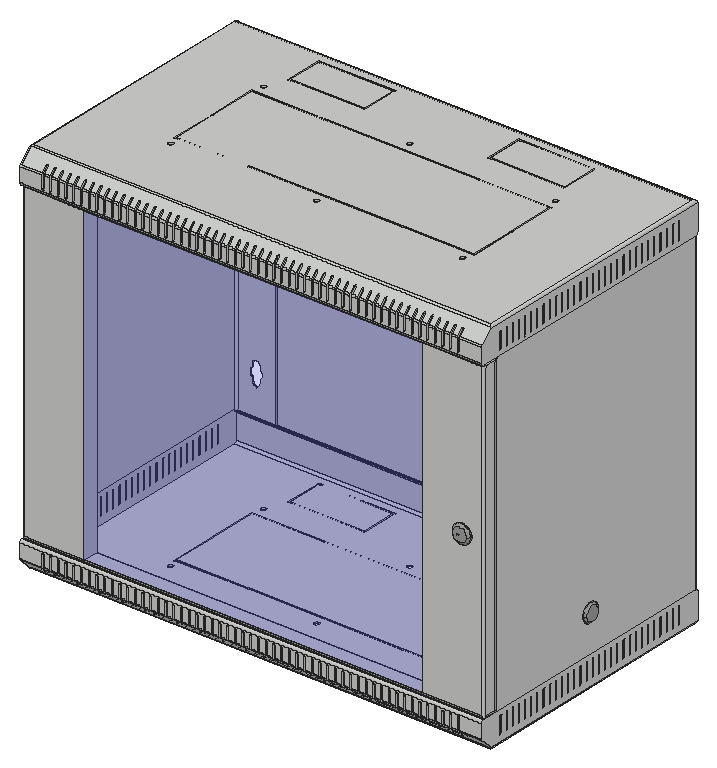
Revit family "600х350", category Обобщенные модели, Revit 2019 (continued)
Definition of nested family "Крышка 350"
  Forms (mm)
    Extrusion 88, void, detail levels fine
      sketch origin (-92.566, 67.262, 0) x (1, 0, 0) y (0, 1, 0)
        loop
          arc (34.066, 172.333) -> (32.566, 173.833) -> (31.066, 172.333) r 1.5
      from 339.994 to 350 <- "ADSK_Размер_Глубина"
    Extrusion 89, void, detail levels fine
      sketch origin (-82.566, 67.262, 0) x (1, 0, 0) y (0, 1, 0)
        loop
          line (31.066, 172.333) -> (31.066, 148.933)
          arc (31.066, 148.933) -> (32.566, 147.433) -> (34.066, 148.933) r 1.5
          line (34.066, 148.933) -> (34.066, 172.333)
          arc (34.066, 172.333) -> (32.566, 173.833) -> (31.066, 172.333) r 1.5
      from 339.994 to 350 <- "ADSK_Размер_Глубина"
    Extrusion 90, void, detail levels fine
      sketch origin (-72.566, 67.262, 0) x (1, 0, 0) y (0, 1, 0)
        loop
          line (31.066, 172.333) -> (31.066, 148.933)
          arc (31.066, 148.933) -> (32.566, 147.433) -> (34.066, 148.933) r 1.5
          line (34.066, 148.933) -> (34.066, 172.333)
          arc (34.066, 172.333) -> (32.566, 173.833) -> (31.066, 172.333) r 1.5
      from 339.994 to 350 <- "ADSK_Размер_Глубина"
    Extrusion 91, void, detail levels fine
      sketch origin (-62.566, 67.262, 0) x (1, 0, 0) y (0, 1, 0)
        loop
          line (31.066, 172.333) -> (31.066, 148.933)
          arc (31.066, 148.933) -> (32.566, 147.433) -> (34.066, 148.933) r 1.5
          line (34.066, 148.933) -> (34.066, 172.333)
          arc (34.066, 172.333) -> (32.566, 173.833) -> (31.066, 172.333) r 1.5
      from 339.994 to 350 <- "ADSK_Размер_Глубина"
    Extrusion 92, void, detail levels fine
      sketch origin (-52.566, 67.262, 0) x (1, 0, 0) y (0, 1, 0)
        loop
          line (31.066, 172.333) -> (31.066, 148.933)
          arc (31.066, 148.933) -> (32.566, 147.433) -> (34.066, 148.933) r 1.5
          line (34.066, 148.933) -> (34.066, 172.333)
          arc (34.066, 172.333) -> (32.566, 173.833) -> (31.066, 172.333) r 1.5
      from 339.994 to 350 <- "ADSK_Размер_Глубина"
    Extrusion 93, void, detail levels fine
      sketch origin (-42.566, 67.262, 0) x (1, 0, 0) y (0, 1, 0)
        loop
          line (31.066, 172.333) -> (31.066, 148.933)
          arc (31.066, 148.933) -> (32.566, 147.433) -> (34.066, 148.933) r 1.5
          line (34.066, 148.933) -> (34.066, 172.333)
          arc (34.066, 172.333) -> (32.566, 173.833) -> (31.066, 172.333) r 1.5
      from 339.994 to 350 <- "ADSK_Размер_Глубина"
    Extrusion 94, void, detail levels fine
      sketch origin (-32.566, 67.262, 0) x (1, 0, 0) y (0, 1, 0)
        loop
          line (31.066, 172.333) -> (31.066, 148.933)
          arc (31.066, 148.933) -> (32.566, 147.433) -> (34.066, 148.933) r 1.5
          line (34.066, 148.933) -> (34.066, 172.333)
          arc (34.066, 172.333) -> (32.566, 173.833) -> (31.066, 172.333) r 1.5
      from 339.994 to 350 <- "ADSK_Размер_Глубина"
    Extrusion 95, void, detail levels fine
      sketch origin (-22.566, 67.262, 0) x (1, 0, 0) y (0, 1, 0)
        loop
          line (31.066, 172.333) -> (31.066, 148.933)
          arc (31.066, 148.933) -> (32.566, 147.433) -> (34.066, 148.933) r 1.5
          line (34.066, 148.933) -> (34.066, 172.333)
          arc (34.066, 172.333) -> (32.566, 173.833) -> (31.066, 172.333) r 1.5
      from 339.994 to 350 <- "ADSK_Размер_Глубина"
    Extrusion 96, void, detail levels fine
      sketch origin (-12.566, 67.262, 0) x (1, 0, 0) y (0, 1, 0)
        loop
          line (31.066, 172.333) -> (31.066, 148.933)
          arc (31.066, 148.933) -> (32.566, 147.433) -> (34.066, 148.933) r 1.5
          line (34.066, 148.933) -> (34.066, 172.333)
          arc (34.066, 172.333) -> (32.566, 173.833) -> (31.066, 172.333) r 1.5
      from 339.994 to 350 <- "ADSK_Размер_Глубина"
    Extrusion 97, void, detail levels fine
      sketch origin (-2.566, 67.262, 0) x (1, 0, 0) y (0, 1, 0)
        loop
          line (31.066, 172.333) -> (31.066, 148.933)
          arc (31.066, 148.933) -> (32.566, 147.433) -> (34.066, 148.933) r 1.5
          line (34.066, 148.933) -> (34.066, 172.333)
          arc (34.066, 172.333) -> (32.566, 173.833) -> (31.066, 172.333) r 1.5
      from 339.994 to 350 <- "ADSK_Размер_Глубина"
    Extrusion 98, void, detail levels fine
      sketch origin (7.434, 67.262, 0) x (1, 0, 0) y (0, 1, 0)
        loop
          line (31.066, 172.333) -> (31.066, 148.933)
          arc (31.066, 148.933) -> (32.566, 147.433) -> (34.066, 148.933) r 1.5
          line (34.066, 148.933) -> (34.066, 172.333)
          arc (34.066, 172.333) -> (32.566, 173.833) -> (31.066, 172.333) r 1.5
      from 339.994 to 350 <- "ADSK_Размер_Глубина"
    Extrusion 99, void, detail levels fine
      sketch origin (17.434, 67.262, 0) x (1, 0, 0) y (0, 1, 0)
        loop
          line (31.066, 172.333) -> (31.066, 148.933)
          arc (31.066, 148.933) -> (32.566, 147.433) -> (34.066, 148.933) r 1.5
          line (34.066, 148.933) -> (34.066, 172.333)
          arc (34.066, 172.333) -> (32.566, 173.833) -> (31.066, 172.333) r 1.5
      from 339.994 to 350 <- "ADSK_Размер_Глубина"
    Extrusion 100, void, detail levels fine
      sketch origin (27.434, 67.262, 0) x (1, 0, 0) y (0, 1, 0)
        loop
          line (31.066, 172.333) -> (31.066, 148.933)
          arc (31.066, 148.933) -> (32.566, 147.433) -> (34.066, 148.933) r 1.5
          line (34.066, 148.933) -> (34.066, 172.333)
          arc (34.066, 172.333) -> (32.566, 173.833) -> (31.066, 172.333) r 1.5
      from 339.994 to 350 <- "ADSK_Размер_Глубина"
    Extrusion 101, void, detail levels fine
      sketch origin (37.434, 67.262, 0) x (1, 0, 0) y (0, 1, 0)
        loop
          line (31.066, 172.333) -> (31.066, 148.933)
          arc (31.066, 148.933) -> (32.566, 147.433) -> (34.066, 148.933) r 1.5
          line (34.066, 148.933) -> (34.066, 172.333)
          arc (34.066, 172.333) -> (32.566, 173.833) -> (31.066, 172.333) r 1.5
      from 339.994 to 350 <- "ADSK_Размер_Глубина"
    Extrusion 102, void, detail levels fine
      sketch origin (47.434, 67.262, 0) x (1, 0, 0) y (0, 1, 0)
        loop
          line (31.066, 172.333) -> (31.066, 148.933)
          arc (31.066, 148.933) -> (32.566, 147.433) -> (34.066, 148.933) r 1.5
          line (34.066, 148.933) -> (34.066, 172.333)
          arc (34.066, 172.333) -> (32.566, 173.833) -> (31.066, 172.333) r 1.5
      from 339.994 to 350 <- "ADSK_Размер_Глубина"
    Extrusion 103, void, detail levels fine
      sketch origin (57.434, 67.262, 0) x (1, 0, 0) y (0, 1, 0)
        loop
          line (31.066, 172.333) -> (31.066, 148.933)
          arc (31.066, 148.933) -> (32.566, 147.433) -> (34.066, 148.933) r 1.5
          line (34.066, 148.933) -> (34.066, 172.333)
          arc (34.066, 172.333) -> (32.566, 173.833) -> (31.066, 172.333) r 1.5
      from 339.994 to 350 <- "ADSK_Размер_Глубина"
    Extrusion 104, void, detail levels fine
      sketch origin (67.434, 67.262, 0) x (1, 0, 0) y (0, 1, 0)
        loop
          line (31.066, 172.333) -> (31.066, 148.933)
          arc (31.066, 148.933) -> (32.566, 147.433) -> (34.066, 148.933) r 1.5
          line (34.066, 148.933) -> (34.066, 172.333)
          arc (34.066, 172.333) -> (32.566, 173.833) -> (31.066, 172.333) r 1.5
      from 339.994 to 350 <- "ADSK_Размер_Глубина"
    Extrusion 105, void, detail levels fine
      sketch origin (77.434, 67.262, 0) x (1, 0, 0) y (0, 1, 0)
        loop
          line (31.066, 172.333) -> (31.066, 148.933)
          arc (31.066, 148.933) -> (32.566, 147.433) -> (34.066, 148.933) r 1.5
          line (34.066, 148.933) -> (34.066, 172.333)
          arc (34.066, 172.333) -> (32.566, 173.833) -> (31.066, 172.333) r 1.5
      from 339.994 to 350 <- "ADSK_Размер_Глубина"
    Extrusion 106, void, detail levels fine
      sketch origin (87.434, 67.262, 0) x (1, 0, 0) y (0, 1, 0)
        loop
          line (31.066, 172.333) -> (31.066, 148.933)
          arc (31.066, 148.933) -> (32.566, 147.433) -> (34.066, 148.933) r 1.5
          line (34.066, 148.933) -> (34.066, 172.333)
          arc (34.066, 172.333) -> (32.566, 173.833) -> (31.066, 172.333) r 1.5
      from 339.994 to 350 <- "ADSK_Размер_Глубина"
    Extrusion 107, void, detail levels fine
      sketch origin (97.434, 67.262, 0) x (1, 0, 0) y (0, 1, 0)
        loop
          line (31.066, 172.333) -> (31.066, 148.933)
          arc (31.066, 148.933) -> (32.566, 147.433) -> (34.066, 148.933) r 1.5
          line (34.066, 148.933) -> (34.066, 172.333)
          arc (34.066, 172.333) -> (32.566, 173.833) -> (31.066, 172.333) r 1.5
      from 339.994 to 350 <- "ADSK_Размер_Глубина"
    Extrusion 108, void, detail levels fine
      sketch origin (107.434, 67.262, 0) x (1, 0, 0) y (0, 1, 0)
        loop
          line (31.066, 172.333) -> (31.066, 148.933)
          arc (31.066, 148.933) -> (32.566, 147.433) -> (34.066, 148.933) r 1.5
          line (34.066, 148.933) -> (34.066, 172.333)
          arc (34.066, 172.333) -> (32.566, 173.833) -> (31.066, 172.333) r 1.5
      from 339.994 to 350 <- "ADSK_Размер_Глубина"
    Extrusion 109, void, detail levels fine
      sketch origin (117.434, 67.262, 0) x (1, 0, 0) y (0, 1, 0)
        loop
          line (31.066, 172.333) -> (31.066, 148.933)
          arc (31.066, 148.933) -> (32.566, 147.433) -> (34.066, 148.933) r 1.5
          line (34.066, 148.933) -> (34.066, 172.333)
          arc (34.066, 172.333) -> (32.566, 173.833) -> (31.066, 172.333) r 1.5
      from 339.994 to 350 <- "ADSK_Размер_Глубина"
    Extrusion 110, void, detail levels fine
      sketch origin (127.434, 67.262, 0) x (1, 0, 0) y (0, 1, 0)
        loop
          line (31.066, 172.333) -> (31.066, 148.933)
          arc (31.066, 148.933) -> (32.566, 147.433) -> (34.066, 148.933) r 1.5
          line (34.066, 148.933) -> (34.066, 172.333)
          arc (34.066, 172.333) -> (32.566, 173.833) -> (31.066, 172.333) r 1.5
      from 339.994 to 350 <- "ADSK_Размер_Глубина"
    Extrusion 111, void, detail levels fine
      sketch origin (137.434, 67.262, 0) x (1, 0, 0) y (0, 1, 0)
        loop
          line (31.066, 172.333) -> (31.066, 148.933)
          arc (31.066, 148.933) -> (32.566, 147.433) -> (34.066, 148.933) r 1.5
          line (34.066, 148.933) -> (34.066, 172.333)
          arc (34.066, 172.333) -> (32.566, 173.833) -> (31.066, 172.333) r 1.5
      from 339.994 to 350 <- "ADSK_Размер_Глубина"
    Extrusion 112, void, detail levels fine
      sketch origin (147.434, 67.262, 0) x (1, 0, 0) y (0, 1, 0)
        loop
          line (31.066, 172.333) -> (31.066, 148.933)
          arc (31.066, 148.933) -> (32.566, 147.433) -> (34.066, 148.933) r 1.5
          line (34.066, 148.933) -> (34.066, 172.333)
          arc (34.066, 172.333) -> (32.566, 173.833) -> (31.066, 172.333) r 1.5
      from 339.994 to 350 <- "ADSK_Размер_Глубина"
    Extrusion 113, void, detail levels fine
      sketch origin (157.434, 67.262, 0) x (1, 0, 0) y (0, 1, 0)
        loop
          line (31.066, 172.333) -> (31.066, 148.933)
          arc (31.066, 148.933) -> (32.566, 147.433) -> (34.066, 148.933) r 1.5
          line (34.066, 148.933) -> (34.066, 172.333)
          arc (34.066, 172.333) -> (32.566, 173.833) -> (31.066, 172.333) r 1.5
      from 339.994 to 350 <- "ADSK_Размер_Глубина"
    Extrusion 114, void, detail levels fine
      sketch origin (167.434, 67.262, 0) x (1, 0, 0) y (0, 1, 0)
        loop
          line (31.066, 172.333) -> (31.066, 148.933)
          arc (31.066, 148.933) -> (32.566, 147.433) -> (34.066, 148.933) r 1.5
          line (34.066, 148.933) -> (34.066, 172.333)
          arc (34.066, 172.333) -> (32.566, 173.833) -> (31.066, 172.333) r 1.5
      from 339.994 to 350 <- "ADSK_Размер_Глубина"
    Extrusion 115, void, detail levels fine
      sketch origin (177.434, 67.262, 0) x (1, 0, 0) y (0, 1, 0)
        loop
          line (31.066, 172.333) -> (31.066, 148.933)
          arc (31.066, 148.933) -> (32.566, 147.433) -> (34.066, 148.933) r 1.5
          line (34.066, 148.933) -> (34.066, 172.333)
          arc (34.066, 172.333) -> (32.566, 173.833) -> (31.066, 172.333) r 1.5
      from 339.994 to 350 <- "ADSK_Размер_Глубина"
    Extrusion 116, void, detail levels fine
      sketch origin (187.434, 67.262, 0) x (1, 0, 0) y (0, 1, 0)
        loop
          line (31.066, 172.333) -> (31.066, 148.933)
          arc (31.066, 148.933) -> (32.566, 147.433) -> (34.066, 148.933) r 1.5
          line (34.066, 148.933) -> (34.066, 172.333)
          arc (34.066, 172.333) -> (32.566, 173.833) -> (31.066, 172.333) r 1.5
      from 339.994 to 350 <- "ADSK_Размер_Глубина"
    Extrusion 117, void, detail levels fine
      sketch origin (197.434, 67.262, 0) x (1, 0, 0) y (0, 1, 0)
        loop
          line (31.066, 172.333) -> (31.066, 148.933)
          arc (31.066, 148.933) -> (32.566, 147.433) -> (34.066, 148.933) r 1.5
          line (34.066, 148.933) -> (34.066, 172.333)
          arc (34.066, 172.333) -> (32.566, 173.833) -> (31.066, 172.333) r 1.5
      from 339.994 to 350 <- "ADSK_Размер_Глубина"
    Extrusion 118, void, detail levels fine
      sketch origin (207.434, 67.262, 0) x (1, 0, 0) y (0, 1, 0)
        loop
          line (31.066, 172.333) -> (31.066, 148.933)
          arc (31.066, 148.933) -> (32.566, 147.433) -> (34.066, 148.933) r 1.5
          line (34.066, 148.933) -> (34.066, 172.333)
          arc (34.066, 172.333) -> (32.566, 173.833) -> (31.066, 172.333) r 1.5
      from 339.994 to 350 <- "ADSK_Размер_Глубина"
    Extrusion 119, void, detail levels fine
      sketch origin (217.434, 67.262, 0) x (1, 0, 0) y (0, 1, 0)
        loop
          line (31.066, 172.333) -> (31.066, 148.933)
          arc (31.066, 148.933) -> (32.566, 147.433) -> (34.066, 148.933) r 1.5
          line (34.066, 148.933) -> (34.066, 172.333)
          arc (34.066, 172.333) -> (32.566, 173.833) -> (31.066, 172.333) r 1.5
      from 339.994 to 350 <- "ADSK_Размер_Глубина"
    Extrusion 120, void, detail levels fine
      sketch origin (227.434, 67.262, 0) x (1, 0, 0) y (0, 1, 0)
        loop
          line (31.066, 172.333) -> (31.066, 148.933)
          arc (31.066, 148.933) -> (32.566, 147.433) -> (34.066, 148.933) r 1.5
          line (34.066, 148.933) -> (34.066, 172.333)
          arc (34.066, 172.333) -> (32.566, 173.833) -> (31.066, 172.333) r 1.5
      from 339.994 to 350 <- "ADSK_Размер_Глубина"
    Extrusion 121, void, detail levels fine
      sketch origin (237.434, 67.262, 0) x (1, 0, 0) y (0, 1, 0)
        loop
          line (31.066, 172.333) -> (31.066, 148.933)
          arc (31.066, 148.933) -> (32.566, 147.433) -> (34.066, 148.933) r 1.5
          line (34.066, 148.933) -> (34.066, 172.333)
          arc (34.066, 172.333) -> (32.566, 173.833) -> (31.066, 172.333) r 1.5
      from 339.994 to 350 <- "ADSK_Размер_Глубина"
  Cuts and joins
    Extrusion 3, Extrusion 4, Extrusion 5, Extrusion 6, Extrusion 7, Extrusion 8, Extrusion 9, Extrusion 10, Extrusion 11, Extrusion 12, Extrusion 13, Extrusion 14, Extrusion 15, Extrusion 16, Extrusion 17, Extrusion 18, Extrusion 19, Extrusion 20, Extrusion 21, Extrusion 22, Extrusion 23, Extrusion 24, Extrusion 25, Extrusion 26, Extrusion 27, Extrusion 28, Extrusion 29, Extrusion 30, Extrusion 31, Extrusion 32, Extrusion 33, Extrusion 34, Extrusion 35, Extrusion 36, Extrusion 37, Extrusion 38, Extrusion 39, Extrusion 40, Extrusion 41, Extrusion 42, Extrusion 43, Extrusion 44, Extrusion 45, Extrusion 46, Extrusion 47, Extrusion 48, Extrusion 49, Extrusion 50, Extrusion 51, Extrusion 52, Extrusion 53, Extrusion 54, Extrusion 55, Extrusion 56, Extrusion 57, Extrusion 58, Extrusion 59, Extrusion 60, Extrusion 61, Extrusion 62, Extrusion 63, Extrusion 64, Extrusion 65, Extrusion 66, Extrusion 67, Extrusion 68, Extrusion 69, Extrusion 70, Extrusion 71, Extrusion 72, Extrusion 73, Extrusion 74, Extrusion 75, Extrusion 76, Extrusion 77, Extrusion 78, Extrusion 79, Extrusion 80, Extrusion 81, Extrusion 82, Extrusion 83, Extrusion 84, Extrusion 85, Extrusion 86, Extrusion 87, Extrusion 88, Extrusion 89, Extrusion 90, Extrusion 91, Extrusion 92, Extrusion 93, Extrusion 94, Extrusion 95, Extrusion 96, Extrusion 97, Extrusion 98, Extrusion 99, Extrusion 100, Extrusion 101, Extrusion 102, Extrusion 103, Extrusion 104, Extrusion 105, Extrusion 106, Extrusion 107, Extrusion 108, Extrusion 109, Extrusion 110, Extrusion 111, Extrusion 112, Extrusion 113, Extrusion 114, Extrusion 115, Extrusion 116, Extrusion 117, Extrusion 118, Extrusion 119, Extrusion 120, Extrusion 121 cuts Extrusion 2
  Lines and regions (mm)
    reference lines
      curve 1: line (-1.5, 227.896, 0) -> (1.5, 227.896, 0)
      curve 2: line (299, 0, 0) -> (299, 0, 350)
      curve 3: line (-299, 0, 350) -> (-299, 0, 0)
  Dimensions and locks
    equal spacing: plane 5, plane 3 "По центру (Влево/Вправо)", plane 4
    "ADSK_Размер_Ширина": plane 5 to plane 4
    "ADSK_Размер_Глубина": Extrusion 1 to plane 8
    locked: Extrusion 2 to plane 6 at 40
    aligned and locked: plane 2 to Extrusion 1
    aligned and locked: level to Extrusion 1
    aligned and locked: Extrusion 2 to level
    aligned and locked: Extrusion 2 to plane 8
    aligned and locked: plane 4 to Extrusion 2
    aligned and locked: Extrusion 2 to plane 5
    aligned and locked: Extrusion 7 to plane 6
    aligned and locked: Extrusion 5 to plane 6
    aligned and locked: plane 4 to Extrusion 5
    aligned and locked: Extrusion 4 to plane 6
    aligned and locked: Extrusion 4 to plane 5
    aligned and locked: curve 2 to Extrusion 8
  Automatic sketch dimensions
    curve 1 to curve 1 = 3 mm
    Extrusion 1 sketch curve to Extrusion 1 sketch curve = 2438.4 mm  (x2)
    Extrusion 2 sketch curve to level = 0 mm
    plane 8 to Extrusion 2 sketch curve = 0 mm
    Extrusion 2 sketch curve to plane 6 = 0 mm
    plane 6 to Extrusion 2 sketch curve = 0.879 mm
    level to Extrusion 2 sketch curve = 3 mm  (x2)
    plane 6 to Extrusion 2 sketch curve = 3 mm
    plane 8 to Extrusion 2 sketch curve = 0.879 mm
    plane 6 to Extrusion 2 sketch curve = 16.098 mm
    Extrusion 2 sketch curve to Extrusion 2 sketch curve = 2.121 mm
    Extrusion 2 sketch curve to Extrusion 2 sketch curve = 34 mm
    Extrusion 2 sketch curve to Extrusion 2 sketch curve = 3 mm
    plane 8 to Extrusion 2 sketch curve = 18.22 mm
    plane 5 to Extrusion 3 sketch curve = 28.5 mm
    Extrusion 3 sketch curve to Extrusion 3 sketch curve = 1.5 mm
    plane 6 to Extrusion 3 sketch curve = 33.804 mm
    plane 6 to Extrusion 3 sketch curve = 10.404 mm
    Extrusion 4 sketch curve to plane 5 = 0 mm  (x2)
    plane 6 to Extrusion 4 sketch curve = 0 mm  (x2)
    plane 5 to Extrusion 4 sketch curve = 3.029 mm
    Extrusion 4 sketch curve to Extrusion 4 sketch curve = 0 mm  (x2)
    Extrusion 5 sketch curve to plane 4 = 0 mm  (x2)
    plane 6 to Extrusion 5 sketch curve = 0 mm  (x2)
    plane 4 to Extrusion 5 sketch curve = 3.029 mm
    Extrusion 5 sketch curve to Extrusion 5 sketch curve = 0 mm  (x2)
    curve 1 to plane 3 "По центру (Влево/Вправо)" = 1.5 mm
    plane 3 "По центру (Влево/Вправо)" to curve 1 = 1.5 mm
    plane 6 to curve 1 = 22.104 mm
    plane 6 to Extrusion 6 sketch curve = 33.804 mm
    plane 6 to Extrusion 6 sketch curve = 11.804 mm
    level to Extrusion 6 sketch curve = 28.5 mm
    Extrusion 6 sketch curve to Extrusion 6 sketch curve = 1.747 mm
    Extrusion 7 sketch curve to plane 3 "По центру (Влево/Вправо)" = 0 mm  (x2)
    Extrusion 7 sketch curve to plane 3 "По центру (Влево/Вправо)" = 80 mm
    Extrusion 7 sketch curve to Extrusion 7 sketch curve = 2 mm  (x16)
    Extrusion 7 sketch curve to Extrusion 7 sketch curve = 1 mm  (x10)
    Extrusion 7 sketch curve to plane 3 "По центру (Влево/Вправо)" = 100 mm
    Extrusion 7 sketch curve to Extrusion 7 sketch curve = 17 mm  (x2)
    Extrusion 7 sketch curve to Extrusion 7 sketch curve = 76 mm  (x2)
    level to Extrusion 7 sketch curve = 15 mm  (x2)
    Extrusion 7 sketch curve to Extrusion 7 sketch curve = 0 mm  (x17)
    Extrusion 7 sketch curve to Extrusion 7 sketch curve = 9.7 mm  (x2)
    Extrusion 7 sketch curve to Extrusion 7 sketch curve = 88.7 mm  (x2)
    Extrusion 7 sketch curve to Extrusion 7 sketch curve = 3.3 mm  (x3)
    plane 3 "По центру (Влево/Вправо)" to Extrusion 7 sketch curve = 80 mm
    plane 3 "По центру (Влево/Вправо)" to Extrusion 7 sketch curve = 100 mm
    Extrusion 7 sketch curve to Extrusion 7 sketch curve = 46 mm  (x2)
    Extrusion 7 sketch curve to Extrusion 7 sketch curve = 27.5 mm  (x3)
    Extrusion 7 sketch curve to Extrusion 7 sketch curve = 40 mm  (x2)
    Extrusion 7 sketch curve to Extrusion 7 sketch curve = 60 mm  (x4)
    Extrusion 7 sketch curve to Extrusion 7 sketch curve = 12.5 mm  (x3)
    plane 8 to Extrusion 8 sketch curve = 3.875 mm
    plane 6 to Extrusion 8 sketch curve = 40 mm
    Extrusion 8 sketch curve to Extrusion 8 sketch curve = 0.847 mm  (x2)
    level to Extrusion 8 sketch curve = 0.911 mm
    Extrusion 8 sketch curve to Extrusion 8 sketch curve = 3 mm  (x2)
    Extrusion 8 sketch curve to Extrusion 8 sketch curve = 17.812 mm
    plane 8 to Extrusion 8 sketch curve = 1.753 mm
    Extrusion 8 sketch curve to Extrusion 8 sketch curve = 2.121 mm
    plane 6 to Extrusion 8 sketch curve = 4 mm
    plane 6 to Extrusion 8 sketch curve = 3.997 mm
    plane 6 to Extrusion 8 sketch curve = 1.878 mm
    plane 6 to Extrusion 8 sketch curve = 1 mm
    plane 8 to Extrusion 8 sketch curve = 18.215 mm
    curve 3 to plane 8 = 0 mm
    curve 3 to level = 0 mm
    curve 2 to plane 8 = 0 mm
    curve 2 to level = 0 mm
    plane 5 to curve 3 = 1 mm
    curve 2 to plane 4 = 1 mm
    plane 6 to Extrusion 9 sketch curve = 33.804 mm
    plane 6 to Extrusion 9 sketch curve = 11.804 mm
    level to Extrusion 9 sketch curve = 38.5 mm
    Extrusion 9 sketch curve to Extrusion 9 sketch curve = 1.747 mm
    plane 6 to Extrusion 10 sketch curve = 33.804 mm
    plane 6 to Extrusion 10 sketch curve = 11.804 mm
    level to Extrusion 10 sketch curve = 48.5 mm
    Extrusion 10 sketch curve to Extrusion 10 sketch curve = 1.747 mm
    plane 6 to Extrusion 11 sketch curve = 33.804 mm
    plane 6 to Extrusion 11 sketch curve = 11.804 mm
    level to Extrusion 11 sketch curve = 58.5 mm
    Extrusion 11 sketch curve to Extrusion 11 sketch curve = 1.747 mm
    plane 6 to Extrusion 12 sketch curve = 33.804 mm
    plane 6 to Extrusion 12 sketch curve = 11.804 mm
    level to Extrusion 12 sketch curve = 68.5 mm
    Extrusion 12 sketch curve to Extrusion 12 sketch curve = 1.747 mm
    plane 6 to Extrusion 13 sketch curve = 33.804 mm
    plane 6 to Extrusion 13 sketch curve = 11.804 mm
    level to Extrusion 13 sketch curve = 78.5 mm
    Extrusion 13 sketch curve to Extrusion 13 sketch curve = 1.747 mm
    plane 6 to Extrusion 14 sketch curve = 33.804 mm
    plane 6 to Extrusion 14 sketch curve = 11.804 mm
    level to Extrusion 14 sketch curve = 88.5 mm
    Extrusion 14 sketch curve to Extrusion 14 sketch curve = 1.747 mm
    plane 6 to Extrusion 15 sketch curve = 33.804 mm
    plane 6 to Extrusion 15 sketch curve = 11.804 mm
    level to Extrusion 15 sketch curve = 98.5 mm
    Extrusion 15 sketch curve to Extrusion 15 sketch curve = 1.747 mm
    plane 6 to Extrusion 16 sketch curve = 33.804 mm
    plane 6 to Extrusion 16 sketch curve = 11.804 mm
    level to Extrusion 16 sketch curve = 108.5 mm
    Extrusion 16 sketch curve to Extrusion 16 sketch curve = 1.747 mm
    plane 6 to Extrusion 17 sketch curve = 33.804 mm
    plane 6 to Extrusion 17 sketch curve = 11.804 mm
    level to Extrusion 17 sketch curve = 118.5 mm
    Extrusion 17 sketch curve to Extrusion 17 sketch curve = 1.747 mm
    plane 6 to Extrusion 18 sketch curve = 33.804 mm
    plane 6 to Extrusion 18 sketch curve = 11.804 mm
    level to Extrusion 18 sketch curve = 128.5 mm
    Extrusion 18 sketch curve to Extrusion 18 sketch curve = 1.747 mm
    plane 6 to Extrusion 19 sketch curve = 33.804 mm
    plane 6 to Extrusion 19 sketch curve = 11.804 mm
    level to Extrusion 19 sketch curve = 138.5 mm
    Extrusion 19 sketch curve to Extrusion 19 sketch curve = 1.747 mm
    plane 6 to Extrusion 20 sketch curve = 33.804 mm
    plane 6 to Extrusion 20 sketch curve = 11.804 mm
    level to Extrusion 20 sketch curve = 148.5 mm
    Extrusion 20 sketch curve to Extrusion 20 sketch curve = 1.747 mm
    plane 6 to Extrusion 21 sketch curve = 33.804 mm
    plane 6 to Extrusion 21 sketch curve = 11.804 mm
    level to Extrusion 21 sketch curve = 158.5 mm
    Extrusion 21 sketch curve to Extrusion 21 sketch curve = 1.747 mm
    plane 6 to Extrusion 22 sketch curve = 33.804 mm
    plane 6 to Extrusion 22 sketch curve = 11.804 mm
    level to Extrusion 22 sketch curve = 168.5 mm
    Extrusion 22 sketch curve to Extrusion 22 sketch curve = 1.747 mm
    plane 6 to Extrusion 23 sketch curve = 33.804 mm
    plane 6 to Extrusion 23 sketch curve = 11.804 mm
    plane 8 to Extrusion 23 sketch curve = 171.5 mm
    Extrusion 23 sketch curve to Extrusion 23 sketch curve = 1.747 mm
    plane 6 to Extrusion 24 sketch curve = 33.804 mm
    plane 6 to Extrusion 24 sketch curve = 11.804 mm
    plane 8 to Extrusion 24 sketch curve = 161.5 mm
    Extrusion 24 sketch curve to Extrusion 24 sketch curve = 1.747 mm
    plane 6 to Extrusion 25 sketch curve = 33.804 mm
    plane 6 to Extrusion 25 sketch curve = 11.804 mm
    plane 8 to Extrusion 25 sketch curve = 151.5 mm
    Extrusion 25 sketch curve to Extrusion 25 sketch curve = 1.747 mm
    plane 6 to Extrusion 26 sketch curve = 33.804 mm
    plane 6 to Extrusion 26 sketch curve = 11.804 mm
    plane 8 to Extrusion 26 sketch curve = 141.5 mm
    Extrusion 26 sketch curve to Extrusion 26 sketch curve = 1.747 mm
    plane 6 to Extrusion 27 sketch curve = 33.804 mm
    plane 6 to Extrusion 27 sketch curve = 11.804 mm
    plane 8 to Extrusion 27 sketch curve = 131.5 mm
    Extrusion 27 sketch curve to Extrusion 27 sketch curve = 1.747 mm
    plane 6 to Extrusion 28 sketch curve = 33.804 mm
    plane 6 to Extrusion 28 sketch curve = 11.804 mm
    plane 8 to Extrusion 28 sketch curve = 121.5 mm
    Extrusion 28 sketch curve to Extrusion 28 sketch curve = 1.747 mm
    plane 6 to Extrusion 29 sketch curve = 33.804 mm
    plane 6 to Extrusion 29 sketch curve = 11.804 mm
    plane 8 to Extrusion 29 sketch curve = 111.5 mm
    Extrusion 29 sketch curve to Extrusion 29 sketch curve = 1.747 mm
    plane 6 to Extrusion 30 sketch curve = 33.804 mm
    plane 6 to Extrusion 30 sketch curve = 11.804 mm
    plane 8 to Extrusion 30 sketch curve = 101.5 mm
    Extrusion 30 sketch curve to Extrusion 30 sketch curve = 1.747 mm
    plane 6 to Extrusion 31 sketch curve = 33.804 mm
    plane 6 to Extrusion 31 sketch curve = 11.804 mm
    plane 8 to Extrusion 31 sketch curve = 91.5 mm
    Extrusion 31 sketch curve to Extrusion 31 sketch curve = 1.747 mm
    plane 6 to Extrusion 32 sketch curve = 33.804 mm
    plane 6 to Extrusion 32 sketch curve = 11.804 mm
    plane 8 to Extrusion 32 sketch curve = 81.5 mm
    Extrusion 32 sketch curve to Extrusion 32 sketch curve = 1.747 mm
    plane 6 to Extrusion 33 sketch curve = 33.804 mm
    plane 6 to Extrusion 33 sketch curve = 11.804 mm
    plane 8 to Extrusion 33 sketch curve = 71.5 mm
    Extrusion 33 sketch curve to Extrusion 33 sketch curve = 1.747 mm
    plane 6 to Extrusion 34 sketch curve = 33.804 mm
    plane 6 to Extrusion 34 sketch curve = 11.804 mm
    plane 8 to Extrusion 34 sketch curve = 61.5 mm
    Extrusion 34 sketch curve to Extrusion 34 sketch curve = 1.747 mm
    plane 6 to Extrusion 35 sketch curve = 33.804 mm
    plane 6 to Extrusion 35 sketch curve = 11.804 mm
    plane 8 to Extrusion 35 sketch curve = 51.5 mm
    Extrusion 35 sketch curve to Extrusion 35 sketch curve = 1.747 mm
    plane 6 to Extrusion 36 sketch curve = 33.804 mm
    plane 6 to Extrusion 36 sketch curve = 11.804 mm
    plane 8 to Extrusion 36 sketch curve = 41.5 mm
    Extrusion 36 sketch curve to Extrusion 36 sketch curve = 1.747 mm
    plane 6 to Extrusion 37 sketch curve = 33.804 mm
    plane 6 to Extrusion 37 sketch curve = 11.804 mm
    plane 8 to Extrusion 37 sketch curve = 31.5 mm
    Extrusion 37 sketch curve to Extrusion 37 sketch curve = 1.747 mm
    plane 6 to Extrusion 38 sketch curve = 33.804 mm
    plane 6 to Extrusion 38 sketch curve = 11.804 mm
    plane 8 to Extrusion 38 sketch curve = 118.007 mm
    Extrusion 38 sketch curve to Extrusion 38 sketch curve = 1.747 mm
    plane 6 to Extrusion 39 sketch curve = 33.804 mm
    plane 6 to Extrusion 39 sketch curve = 11.804 mm
    plane 8 to Extrusion 39 sketch curve = 108.007 mm
    Extrusion 39 sketch curve to Extrusion 39 sketch curve = 1.747 mm
    plane 6 to Extrusion 40 sketch curve = 33.804 mm
    plane 6 to Extrusion 40 sketch curve = 11.804 mm
    plane 8 to Extrusion 40 sketch curve = 98.007 mm
    Extrusion 40 sketch curve to Extrusion 40 sketch curve = 1.747 mm
    plane 6 to Extrusion 41 sketch curve = 33.804 mm
    plane 6 to Extrusion 41 sketch curve = 11.804 mm
    plane 8 to Extrusion 41 sketch curve = 88.007 mm
    Extrusion 41 sketch curve to Extrusion 41 sketch curve = 1.747 mm
    plane 6 to Extrusion 42 sketch curve = 33.804 mm
    plane 6 to Extrusion 42 sketch curve = 11.804 mm
    plane 8 to Extrusion 42 sketch curve = 78.007 mm
    Extrusion 42 sketch curve to Extrusion 42 sketch curve = 1.747 mm
    plane 6 to Extrusion 43 sketch curve = 33.804 mm
    plane 6 to Extrusion 43 sketch curve = 11.804 mm
    plane 8 to Extrusion 43 sketch curve = 68.007 mm
    Extrusion 43 sketch curve to Extrusion 43 sketch curve = 1.747 mm
    plane 6 to Extrusion 44 sketch curve = 33.804 mm
    plane 6 to Extrusion 44 sketch curve = 11.804 mm
    plane 8 to Extrusion 44 sketch curve = 58.007 mm
    Extrusion 44 sketch curve to Extrusion 44 sketch curve = 1.747 mm
    plane 6 to Extrusion 45 sketch curve = 33.804 mm
    plane 6 to Extrusion 45 sketch curve = 11.804 mm
    plane 8 to Extrusion 45 sketch curve = 48.007 mm
    Extrusion 45 sketch curve to Extrusion 45 sketch curve = 1.747 mm
    plane 6 to Extrusion 46 sketch curve = 33.804 mm
    plane 6 to Extrusion 46 sketch curve = 11.804 mm
    plane 8 to Extrusion 46 sketch curve = 38.007 mm
    Extrusion 46 sketch curve to Extrusion 46 sketch curve = 1.747 mm
    plane 6 to Extrusion 47 sketch curve = 33.804 mm
    plane 6 to Extrusion 47 sketch curve = 11.804 mm
    plane 8 to Extrusion 47 sketch curve = 28.007 mm
    Extrusion 47 sketch curve to Extrusion 47 sketch curve = 1.747 mm
    plane 6 to Extrusion 48 sketch curve = 33.804 mm
    plane 6 to Extrusion 48 sketch curve = 11.804 mm
    plane 8 to Extrusion 48 sketch curve = 168.007 mm
    Extrusion 48 sketch curve to Extrusion 48 sketch curve = 1.747 mm
    plane 6 to Extrusion 49 sketch curve = 33.804 mm
    plane 6 to Extrusion 49 sketch curve = 11.804 mm
    plane 8 to Extrusion 49 sketch curve = 158.007 mm
    Extrusion 49 sketch curve to Extrusion 49 sketch curve = 1.747 mm
    plane 6 to Extrusion 50 sketch curve = 33.804 mm
    plane 6 to Extrusion 50 sketch curve = 11.804 mm
    plane 8 to Extrusion 50 sketch curve = 148.007 mm
    Extrusion 50 sketch curve to Extrusion 50 sketch curve = 1.747 mm
    plane 6 to Extrusion 51 sketch curve = 33.804 mm
    plane 6 to Extrusion 51 sketch curve = 11.804 mm
    plane 8 to Extrusion 51 sketch curve = 138.007 mm
    Extrusion 51 sketch curve to Extrusion 51 sketch curve = 1.747 mm
    plane 6 to Extrusion 52 sketch curve = 33.804 mm
    plane 6 to Extrusion 52 sketch curve = 11.804 mm
    plane 8 to Extrusion 52 sketch curve = 128.007 mm
    Extrusion 52 sketch curve to Extrusion 52 sketch curve = 1.747 mm
    plane 6 to Extrusion 53 sketch curve = 33.804 mm
    plane 6 to Extrusion 53 sketch curve = 11.804 mm
    level to Extrusion 53 sketch curve = 131.993 mm
    Extrusion 53 sketch curve to Extrusion 53 sketch curve = 1.747 mm
    plane 6 to Extrusion 54 sketch curve = 33.804 mm
    plane 6 to Extrusion 54 sketch curve = 11.804 mm
    level to Extrusion 54 sketch curve = 141.993 mm
    Extrusion 54 sketch curve to Extrusion 54 sketch curve = 1.747 mm
    plane 6 to Extrusion 55 sketch curve = 33.804 mm
    plane 6 to Extrusion 55 sketch curve = 11.804 mm
    level to Extrusion 55 sketch curve = 151.993 mm
    Extrusion 55 sketch curve to Extrusion 55 sketch curve = 1.747 mm
    plane 6 to Extrusion 56 sketch curve = 33.804 mm
    plane 6 to Extrusion 56 sketch curve = 11.804 mm
    level to Extrusion 56 sketch curve = 161.993 mm
    Extrusion 56 sketch curve to Extrusion 56 sketch curve = 1.747 mm
    plane 6 to Extrusion 57 sketch curve = 33.804 mm
    plane 6 to Extrusion 57 sketch curve = 11.804 mm
    level to Extrusion 57 sketch curve = 171.993 mm
    Extrusion 57 sketch curve to Extrusion 57 sketch curve = 1.747 mm
    plane 6 to Extrusion 58 sketch curve = 33.804 mm
    plane 6 to Extrusion 58 sketch curve = 11.804 mm
    level to Extrusion 58 sketch curve = 81.993 mm
    Extrusion 58 sketch curve to Extrusion 58 sketch curve = 1.747 mm
    plane 6 to Extrusion 59 sketch curve = 33.804 mm
    plane 6 to Extrusion 59 sketch curve = 11.804 mm
    level to Extrusion 59 sketch curve = 91.993 mm
    Extrusion 59 sketch curve to Extrusion 59 sketch curve = 1.747 mm
    plane 6 to Extrusion 60 sketch curve = 33.804 mm
    plane 6 to Extrusion 60 sketch curve = 11.804 mm
    level to Extrusion 60 sketch curve = 101.993 mm
    Extrusion 60 sketch curve to Extrusion 60 sketch curve = 1.747 mm
    plane 6 to Extrusion 61 sketch curve = 33.804 mm
    plane 6 to Extrusion 61 sketch curve = 11.804 mm
    level to Extrusion 61 sketch curve = 111.993 mm
    Extrusion 61 sketch curve to Extrusion 61 sketch curve = 1.747 mm
    plane 6 to Extrusion 62 sketch curve = 33.804 mm
    plane 6 to Extrusion 62 sketch curve = 11.804 mm
    level to Extrusion 62 sketch curve = 121.993 mm
    Extrusion 62 sketch curve to Extrusion 62 sketch curve = 1.747 mm
    plane 6 to Extrusion 63 sketch curve = 33.804 mm
    plane 6 to Extrusion 63 sketch curve = 11.804 mm
    level to Extrusion 63 sketch curve = 31.993 mm
    Extrusion 63 sketch curve to Extrusion 63 sketch curve = 1.747 mm
    plane 6 to Extrusion 64 sketch curve = 33.804 mm
    plane 6 to Extrusion 64 sketch curve = 11.804 mm
    level to Extrusion 64 sketch curve = 41.993 mm
    Extrusion 64 sketch curve to Extrusion 64 sketch curve = 1.747 mm
    plane 6 to Extrusion 65 sketch curve = 33.804 mm
    plane 6 to Extrusion 65 sketch curve = 11.804 mm
    level to Extrusion 65 sketch curve = 51.993 mm
    Extrusion 65 sketch curve to Extrusion 65 sketch curve = 1.747 mm
    plane 6 to Extrusion 66 sketch curve = 33.804 mm
    plane 6 to Extrusion 66 sketch curve = 11.804 mm
    level to Extrusion 66 sketch curve = 61.993 mm
    Extrusion 66 sketch curve to Extrusion 66 sketch curve = 1.747 mm
    plane 6 to Extrusion 67 sketch curve = 33.804 mm
    plane 6 to Extrusion 67 sketch curve = 11.804 mm
    level to Extrusion 67 sketch curve = 71.993 mm
    Extrusion 67 sketch curve to Extrusion 67 sketch curve = 1.747 mm
    plane 6 to Extrusion 68 sketch curve = 10.404 mm
    plane 5 to Extrusion 68 sketch curve = 38.5 mm
    Extrusion 68 sketch curve to Extrusion 68 sketch curve = 1.5 mm
    Extrusion 68 sketch curve to Extrusion 68 sketch curve = 23.4 mm
    plane 6 to Extrusion 69 sketch curve = 10.404 mm
    plane 5 to Extrusion 69 sketch curve = 48.5 mm
    Extrusion 69 sketch curve to Extrusion 69 sketch curve = 1.5 mm
    Extrusion 69 sketch curve to Extrusion 69 sketch curve = 23.4 mm
    plane 6 to Extrusion 70 sketch curve = 10.404 mm
    plane 5 to Extrusion 70 sketch curve = 58.5 mm
    Extrusion 70 sketch curve to Extrusion 70 sketch curve = 1.5 mm
    Extrusion 70 sketch curve to Extrusion 70 sketch curve = 23.4 mm
    plane 6 to Extrusion 71 sketch curve = 10.404 mm
    plane 5 to Extrusion 71 sketch curve = 68.5 mm
    Extrusion 71 sketch curve to Extrusion 71 sketch curve = 1.5 mm
    Extrusion 71 sketch curve to Extrusion 71 sketch curve = 23.4 mm
    plane 6 to Extrusion 72 sketch curve = 10.404 mm
    plane 5 to Extrusion 72 sketch curve = 78.5 mm
    Extrusion 72 sketch curve to Extrusion 72 sketch curve = 1.5 mm
    Extrusion 72 sketch curve to Extrusion 72 sketch curve = 23.4 mm
    plane 6 to Extrusion 73 sketch curve = 10.404 mm
    plane 5 to Extrusion 73 sketch curve = 88.5 mm
    Extrusion 73 sketch curve to Extrusion 73 sketch curve = 1.5 mm
    Extrusion 73 sketch curve to Extrusion 73 sketch curve = 23.4 mm
    plane 6 to Extrusion 74 sketch curve = 10.404 mm
    plane 5 to Extrusion 74 sketch curve = 98.5 mm
    Extrusion 74 sketch curve to Extrusion 74 sketch curve = 1.5 mm
    Extrusion 74 sketch curve to Extrusion 74 sketch curve = 23.4 mm
    plane 6 to Extrusion 75 sketch curve = 10.404 mm
    plane 5 to Extrusion 75 sketch curve = 108.5 mm
    Extrusion 75 sketch curve to Extrusion 75 sketch curve = 1.5 mm
    Extrusion 75 sketch curve to Extrusion 75 sketch curve = 23.4 mm
    plane 6 to Extrusion 76 sketch curve = 10.404 mm
    plane 5 to Extrusion 76 sketch curve = 118.5 mm
    Extrusion 76 sketch curve to Extrusion 76 sketch curve = 1.5 mm
    Extrusion 76 sketch curve to Extrusion 76 sketch curve = 23.4 mm
    plane 6 to Extrusion 77 sketch curve = 10.404 mm
    plane 5 to Extrusion 77 sketch curve = 128.5 mm
    Extrusion 77 sketch curve to Extrusion 77 sketch curve = 1.5 mm
    Extrusion 77 sketch curve to Extrusion 77 sketch curve = 23.4 mm
    plane 6 to Extrusion 78 sketch curve = 10.404 mm
    plane 5 to Extrusion 78 sketch curve = 138.5 mm
    Extrusion 78 sketch curve to Extrusion 78 sketch curve = 1.5 mm
    Extrusion 78 sketch curve to Extrusion 78 sketch curve = 23.4 mm
    plane 6 to Extrusion 79 sketch curve = 10.404 mm
    plane 5 to Extrusion 79 sketch curve = 148.5 mm
    Extrusion 79 sketch curve to Extrusion 79 sketch curve = 1.5 mm
    Extrusion 79 sketch curve to Extrusion 79 sketch curve = 23.4 mm
    plane 6 to Extrusion 80 sketch curve = 10.404 mm
    Extrusion 80 sketch curve to plane 3 "По центру (Влево/Вправо)" = 141.5 mm
    Extrusion 80 sketch curve to Extrusion 80 sketch curve = 1.5 mm
    Extrusion 80 sketch curve to Extrusion 80 sketch curve = 23.4 mm
    plane 6 to Extrusion 81 sketch curve = 10.404 mm
    Extrusion 81 sketch curve to plane 3 "По центру (Влево/Вправо)" = 131.5 mm
    Extrusion 81 sketch curve to Extrusion 81 sketch curve = 1.5 mm
    Extrusion 81 sketch curve to Extrusion 81 sketch curve = 23.4 mm
    plane 6 to Extrusion 82 sketch curve = 10.404 mm
    Extrusion 82 sketch curve to plane 3 "По центру (Влево/Вправо)" = 121.5 mm
    Extrusion 82 sketch curve to Extrusion 82 sketch curve = 1.5 mm
    Extrusion 82 sketch curve to Extrusion 82 sketch curve = 23.4 mm
    plane 6 to Extrusion 83 sketch curve = 10.404 mm
    Extrusion 83 sketch curve to plane 3 "По центру (Влево/Вправо)" = 111.5 mm
    Extrusion 83 sketch curve to Extrusion 83 sketch curve = 1.5 mm
    Extrusion 83 sketch curve to Extrusion 83 sketch curve = 23.4 mm
    plane 6 to Extrusion 84 sketch curve = 10.404 mm
    Extrusion 84 sketch curve to plane 3 "По центру (Влево/Вправо)" = 101.5 mm
    Extrusion 84 sketch curve to Extrusion 84 sketch curve = 1.5 mm
    Extrusion 84 sketch curve to Extrusion 84 sketch curve = 23.4 mm
    plane 6 to Extrusion 85 sketch curve = 10.404 mm
    Extrusion 85 sketch curve to plane 3 "По центру (Влево/Вправо)" = 91.5 mm
    Extrusion 85 sketch curve to Extrusion 85 sketch curve = 1.5 mm
    Extrusion 85 sketch curve to Extrusion 85 sketch curve = 23.4 mm
    plane 6 to Extrusion 86 sketch curve = 10.404 mm
    Extrusion 86 sketch curve to plane 3 "По центру (Влево/Вправо)" = 81.5 mm
    Extrusion 86 sketch curve to Extrusion 86 sketch curve = 1.5 mm
    Extrusion 86 sketch curve to Extrusion 86 sketch curve = 23.4 mm
    plane 6 to Extrusion 87 sketch curve = 10.404 mm
    Extrusion 87 sketch curve to plane 3 "По центру (Влево/Вправо)" = 71.5 mm
    Extrusion 87 sketch curve to Extrusion 87 sketch curve = 1.5 mm
    Extrusion 87 sketch curve to Extrusion 87 sketch curve = 23.4 mm
    plane 6 to Extrusion 88 sketch curve = 10.404 mm
    Extrusion 88 sketch curve to plane 3 "По центру (Влево/Вправо)" = 61.5 mm
    Extrusion 88 sketch curve to Extrusion 88 sketch curve = 1.5 mm
    Extrusion 88 sketch curve to Extrusion 88 sketch curve = 23.4 mm
    plane 6 to Extrusion 89 sketch curve = 10.404 mm
    Extrusion 89 sketch curve to plane 3 "По центру (Влево/Вправо)" = 51.5 mm
    Extrusion 89 sketch curve to Extrusion 89 sketch curve = 1.5 mm
    Extrusion 89 sketch curve to Extrusion 89 sketch curve = 23.4 mm
    plane 6 to Extrusion 90 sketch curve = 10.404 mm
    Extrusion 90 sketch curve to plane 3 "По центру (Влево/Вправо)" = 41.5 mm
    Extrusion 90 sketch curve to Extrusion 90 sketch curve = 1.5 mm
    Extrusion 90 sketch curve to Extrusion 90 sketch curve = 23.4 mm
    plane 6 to Extrusion 91 sketch curve = 10.404 mm
    Extrusion 91 sketch curve to plane 3 "По центру (Влево/Вправо)" = 31.5 mm
    Extrusion 91 sketch curve to Extrusion 91 sketch curve = 1.5 mm
    Extrusion 91 sketch curve to Extrusion 91 sketch curve = 23.4 mm
    Extrusion 92 sketch curve to plane 3 "По центру (Влево/Вправо)" = 21.5 mm
    Extrusion 92 sketch curve to Extrusion 92 sketch curve = 1.5 mm
    plane 6 to Extrusion 92 sketch curve = 33.804 mm
    plane 6 to Extrusion 92 sketch curve = 10.404 mm
    Extrusion 93 sketch curve to plane 3 "По центру (Влево/Вправо)" = 11.5 mm
    Extrusion 93 sketch curve to Extrusion 93 sketch curve = 1.5 mm
    plane 6 to Extrusion 93 sketch curve = 33.804 mm
    plane 6 to Extrusion 93 sketch curve = 10.404 mm
    Extrusion 94 sketch curve to plane 3 "По центру (Влево/Вправо)" = 0 mm
    Extrusion 94 sketch curve to Extrusion 94 sketch curve = 1.5 mm
    plane 6 to Extrusion 94 sketch curve = 33.804 mm
    plane 6 to Extrusion 94 sketch curve = 10.404 mm
    plane 3 "По центру (Влево/Вправо)" to Extrusion 95 sketch curve = 8.5 mm
    Extrusion 95 sketch curve to Extrusion 95 sketch curve = 1.5 mm
    plane 6 to Extrusion 95 sketch curve = 33.804 mm
    plane 6 to Extrusion 95 sketch curve = 10.404 mm
    plane 3 "По центру (Влево/Вправо)" to Extrusion 96 sketch curve = 18.5 mm
    Extrusion 96 sketch curve to Extrusion 96 sketch curve = 1.5 mm
    plane 6 to Extrusion 96 sketch curve = 33.804 mm
    plane 6 to Extrusion 96 sketch curve = 10.404 mm
    plane 3 "По центру (Влево/Вправо)" to Extrusion 97 sketch curve = 28.5 mm
    Extrusion 97 sketch curve to Extrusion 97 sketch curve = 1.5 mm
    plane 6 to Extrusion 97 sketch curve = 33.804 mm
    plane 6 to Extrusion 97 sketch curve = 10.404 mm
    plane 6 to Extrusion 98 sketch curve = 10.404 mm
    plane 3 "По центру (Влево/Вправо)" to Extrusion 98 sketch curve = 38.5 mm
    Extrusion 98 sketch curve to Extrusion 98 sketch curve = 1.5 mm
    Extrusion 98 sketch curve to Extrusion 98 sketch curve = 23.4 mm
    plane 6 to Extrusion 99 sketch curve = 10.404 mm
    plane 3 "По центру (Влево/Вправо)" to Extrusion 99 sketch curve = 48.5 mm
    Extrusion 99 sketch curve to Extrusion 99 sketch curve = 1.5 mm
    Extrusion 99 sketch curve to Extrusion 99 sketch curve = 23.4 mm
    plane 6 to Extrusion 100 sketch curve = 10.404 mm
    plane 3 "По центру (Влево/Вправо)" to Extrusion 100 sketch curve = 58.5 mm
    Extrusion 100 sketch curve to Extrusion 100 sketch curve = 1.5 mm
    Extrusion 100 sketch curve to Extrusion 100 sketch curve = 23.4 mm
    plane 6 to Extrusion 101 sketch curve = 10.404 mm
    plane 3 "По центру (Влево/Вправо)" to Extrusion 101 sketch curve = 68.5 mm
    Extrusion 101 sketch curve to Extrusion 101 sketch curve = 1.5 mm
    Extrusion 101 sketch curve to Extrusion 101 sketch curve = 23.4 mm
    plane 6 to Extrusion 102 sketch curve = 10.404 mm
    plane 3 "По центру (Влево/Вправо)" to Extrusion 102 sketch curve = 78.5 mm
    Extrusion 102 sketch curve to Extrusion 102 sketch curve = 1.5 mm
    Extrusion 102 sketch curve to Extrusion 102 sketch curve = 23.4 mm
    plane 6 to Extrusion 103 sketch curve = 10.404 mm
    plane 3 "По центру (Влево/Вправо)" to Extrusion 103 sketch curve = 88.5 mm
    Extrusion 103 sketch curve to Extrusion 103 sketch curve = 1.5 mm
    Extrusion 103 sketch curve to Extrusion 103 sketch curve = 23.4 mm
    plane 6 to Extrusion 104 sketch curve = 10.404 mm
    plane 3 "По центру (Влево/Вправо)" to Extrusion 104 sketch curve = 98.5 mm
    Extrusion 104 sketch curve to Extrusion 104 sketch curve = 1.5 mm
    Extrusion 104 sketch curve to Extrusion 104 sketch curve = 23.4 mm
    plane 6 to Extrusion 105 sketch curve = 10.404 mm
    plane 3 "По центру (Влево/Вправо)" to Extrusion 105 sketch curve = 108.5 mm
    Extrusion 105 sketch curve to Extrusion 105 sketch curve = 1.5 mm
    Extrusion 105 sketch curve to Extrusion 105 sketch curve = 23.4 mm
    plane 6 to Extrusion 106 sketch curve = 10.404 mm
    plane 3 "По центру (Влево/Вправо)" to Extrusion 106 sketch curve = 118.5 mm
    Extrusion 106 sketch curve to Extrusion 106 sketch curve = 1.5 mm
    Extrusion 106 sketch curve to Extrusion 106 sketch curve = 23.4 mm
    plane 6 to Extrusion 107 sketch curve = 10.404 mm
    plane 3 "По центру (Влево/Вправо)" to Extrusion 107 sketch curve = 128.5 mm
    Extrusion 107 sketch curve to Extrusion 107 sketch curve = 1.5 mm
    Extrusion 107 sketch curve to Extrusion 107 sketch curve = 23.4 mm
    plane 6 to Extrusion 108 sketch curve = 10.404 mm
    plane 3 "По центру (Влево/Вправо)" to Extrusion 108 sketch curve = 138.5 mm
    Extrusion 108 sketch curve to Extrusion 108 sketch curve = 1.5 mm
    Extrusion 108 sketch curve to Extrusion 108 sketch curve = 23.4 mm
    plane 6 to Extrusion 109 sketch curve = 10.404 mm
    plane 3 "По центру (Влево/Вправо)" to Extrusion 109 sketch curve = 148.5 mm
    Extrusion 109 sketch curve to Extrusion 109 sketch curve = 1.5 mm
    Extrusion 109 sketch curve to Extrusion 109 sketch curve = 23.4 mm
    plane 6 to Extrusion 110 sketch curve = 10.404 mm
    Extrusion 110 sketch curve to plane 4 = 141.5 mm
    Extrusion 110 sketch curve to Extrusion 110 sketch curve = 1.5 mm
    Extrusion 110 sketch curve to Extrusion 110 sketch curve = 23.4 mm
    plane 6 to Extrusion 111 sketch curve = 10.404 mm
    Extrusion 111 sketch curve to plane 4 = 131.5 mm
    Extrusion 111 sketch curve to Extrusion 111 sketch curve = 1.5 mm
    Extrusion 111 sketch curve to Extrusion 111 sketch curve = 23.4 mm
    plane 6 to Extrusion 112 sketch curve = 10.404 mm
    Extrusion 112 sketch curve to plane 4 = 121.5 mm
    Extrusion 112 sketch curve to Extrusion 112 sketch curve = 1.5 mm
    Extrusion 112 sketch curve to Extrusion 112 sketch curve = 23.4 mm
    plane 6 to Extrusion 113 sketch curve = 10.404 mm
    Extrusion 113 sketch curve to plane 4 = 111.5 mm
    Extrusion 113 sketch curve to Extrusion 113 sketch curve = 1.5 mm
    Extrusion 113 sketch curve to Extrusion 113 sketch curve = 23.4 mm
    plane 6 to Extrusion 114 sketch curve = 10.404 mm
    Extrusion 114 sketch curve to plane 4 = 101.5 mm
    Extrusion 114 sketch curve to Extrusion 114 sketch curve = 1.5 mm
    Extrusion 114 sketch curve to Extrusion 114 sketch curve = 23.4 mm
    plane 6 to Extrusion 115 sketch curve = 10.404 mm
    Extrusion 115 sketch curve to plane 4 = 91.5 mm
    Extrusion 115 sketch curve to Extrusion 115 sketch curve = 1.5 mm
    Extrusion 115 sketch curve to Extrusion 115 sketch curve = 23.4 mm
    plane 6 to Extrusion 116 sketch curve = 10.404 mm
    Extrusion 116 sketch curve to plane 4 = 81.5 mm
    Extrusion 116 sketch curve to Extrusion 116 sketch curve = 1.5 mm
    Extrusion 116 sketch curve to Extrusion 116 sketch curve = 23.4 mm
    plane 6 to Extrusion 117 sketch curve = 10.404 mm
    Extrusion 117 sketch curve to plane 4 = 71.5 mm
    Extrusion 117 sketch curve to Extrusion 117 sketch curve = 1.5 mm
    Extrusion 117 sketch curve to Extrusion 117 sketch curve = 23.4 mm
    plane 6 to Extrusion 118 sketch curve = 10.404 mm
    Extrusion 118 sketch curve to plane 4 = 61.5 mm
    Extrusion 118 sketch curve to Extrusion 118 sketch curve = 1.5 mm
    Extrusion 118 sketch curve to Extrusion 118 sketch curve = 23.4 mm
    plane 6 to Extrusion 119 sketch curve = 10.404 mm
    Extrusion 119 sketch curve to plane 4 = 51.5 mm
    Extrusion 119 sketch curve to Extrusion 119 sketch curve = 1.5 mm
    Extrusion 119 sketch curve to Extrusion 119 sketch curve = 23.4 mm
    plane 6 to Extrusion 120 sketch curve = 10.404 mm
    Extrusion 120 sketch curve to plane 4 = 41.5 mm
    Extrusion 120 sketch curve to Extrusion 120 sketch curve = 1.5 mm
    Extrusion 120 sketch curve to Extrusion 120 sketch curve = 23.4 mm
    plane 6 to Extrusion 121 sketch curve = 10.404 mm
    Extrusion 121 sketch curve to plane 4 = 31.5 mm
    Extrusion 121 sketch curve to Extrusion 121 sketch curve = 1.5 mm
    Extrusion 121 sketch curve to Extrusion 121 sketch curve = 23.4 mm
    radius of Extrusion 7 sketch curve = 3.3 mm  (x6)
Definition of nested family "Дверь_С"
  Parameters (values of type "Дверь_С")
    Ширина = 600 mm
    ADSK_Размер_Высота [instance] = 500 mm
  Reference planes
    plane 1 "По центру (Вперед/Назад)": y = 0
    plane 2: z = 0
    plane 3 "По центру (Влево/Вправо)": x = 0
    plane 4: z = 250
    plane 5: z = -250
    plane 6: x = -300
    plane 7: x = 300
  Forms (mm)
    Extrusion 1, solid, detail levels medium+fine
      sketch origin (0, 0, 0) x (1, 0, 0) y (0, 0, 1)
        loop
          line (297, 250) -> (-297, 250)
          arc (-297, 250) -> (-299.121, 249.121) -> (-300, 247) r 3
          line (-300, 247) -> (-300, -247)
          arc (-300, -247) -> (-299.121, -249.121) -> (-297, -250) r 3
          line (-297, -250) -> (297, -250)
          arc (297, -250) -> (299.121, -249.121) -> (300, -247) r 3
          line (300, -247) -> (300, 247)
          arc (300, 247) -> (299.121, 249.121) -> (297, 250) r 3
        loop
          line (-220, 247.042) -> (-220, -247.042) -> (220, -247.042) -> (220, 247.042) -> (-220, 247.042)
      from 0 to 20
    Extrusion 2, void, detail levels medium+fine
      sketch origin (0, 0, 0) x (1, 0, 0) y (0, 1, 0)
        loop
          line (-300, 0) -> (-300, -3)
          arc (-300, -3) -> (-299.121, -0.879) -> (-297, 0) r 3
          line (-297, 0) -> (-300, 0)
        loop
          line (300, 0) -> (297, 0)
          arc (297, 0) -> (299.121, -0.879) -> (300, -3) r 3
          line (300, -3) -> (300, 0)
        loop
          line (-300, -20) -> (-297, -20)
          arc (-297, -20) -> (-299.121, -19.121) -> (-300, -17) r 3
          line (-300, -17) -> (-300, -20)
        loop
          line (300, -20) -> (300, -17)
          arc (300, -17) -> (299.121, -19.121) -> (297, -20) r 3
          line (297, -20) -> (300, -20)
      from -250 to 250
    Extrusion 3, void, detail levels medium+fine
      sketch origin (0, 0, 0) x (0, 1, 0) y (0, 0, 1)
        loop
          line (0, 250) -> (-2.958, 250)
          arc (-2.958, 250) -> (-0.866, 249.134) -> (0, 247.042) r 2.958
          line (0, 247.042) -> (0, 250)
        loop
          line (0, -250) -> (0, -247.042)
          arc (0, -247.042) -> (-0.866, -249.134) -> (-2.958, -250) r 2.958
          line (-2.958, -250) -> (0, -250)
        loop
          line (-20, 250) -> (-20, 247.042)
          arc (-20, 247.042) -> (-19.134, 249.134) -> (-17.042, 250) r 2.958
          line (-17.042, 250) -> (-20, 250)
        loop
          line (-20, -250) -> (-17.042, -250)
          arc (-17.042, -250) -> (-19.134, -249.134) -> (-20, -247.042) r 2.958
          line (-20, -247.042) -> (-20, -250)
      from -300 to 300
    Extrusion 4, solid, detail levels medium+fine
      sketch origin (271.4, 0, 0) x (1, 0, 0) y (0, 0, 1)
        loop
          circle (0, 0) r 12
      from 20 to 21
    Blend 5, solid, detail levels medium+fine
      base sketch origin (143.882, 0, 0) x (1, 0, 0) y (0, 0, 1)
        loop
          circle (127.518, 0) r 12
      top sketch origin (143.882, 0, 0) x (1, 0, 0) y (0, 0, 1)
        loop
          circle (127.518, 0) r 9
      from 21 to 24
    Extrusion 6, void, detail levels medium+fine
      sketch origin (271.39, 0, -0.135) x (1, 0, 0) y (0, 0, 1)
        loop
          line (-3.979, 0.868) -> (-3.979, -0.615) -> (3.999, -0.615) -> (3.999, 0.868) -> (-3.979, 0.868)
      from 24 to 22
    Extrusion 7, solid, detail levels medium+fine
      sketch origin (0, 0, 0) x (1, 0, 0) y (0, 0, 1)
        loop
          line (-220, 247.042) -> (-220, -247.042) -> (220, -247.042) -> (220, 247.042) -> (-220, 247.042)
      from 20 to 0
  Cuts and joins
    Extrusion 2, Extrusion 3 cuts Extrusion 1
    Extrusion 6 cuts Blend 5
  Dimensions and locks
    equal spacing: plane 4, level, plane 5
    "ADSK_Размер_Высота": plane 4 to plane 5
    equal spacing: plane 7, plane 3 "По центру (Влево/Вправо)", plane 6
    "Ширина": plane 7 to plane 6
    locked: Extrusion 1 to Extrusion 1 at 20
    locked: plane 4 to cut or joined group of Extrusion 1, Extrusion 2, Extrusion 3 at 2.958
    locked: cut or joined group of Extrusion 1, Extrusion 2, Extrusion 3 to plane 5 at 2.958
    aligned and locked: level to plane 2
    aligned and locked: Extrusion 1 to plane 1 "По центру (Вперед/Назад)"
    aligned and locked: plane 4 to Extrusion 1
    aligned and locked: plane 7 to Extrusion 1
    aligned and locked: Extrusion 1 to plane 6
    aligned and locked: Extrusion 1 to plane 5
    aligned and locked: Extrusion 2 to plane 6  (x2)
    aligned and locked: Extrusion 2 to plane 1 "По центру (Вперед/Назад)"  (x2)
    aligned and locked: Extrusion 2 to Extrusion 1
    aligned and locked: plane 7 to Extrusion 2  (x2)
    aligned and locked: Extrusion 1 to Extrusion 2
    aligned and locked: plane 4 to Extrusion 2
    aligned and locked: Extrusion 2 to plane 5
    aligned and locked: plane 4 to Extrusion 3  (x2)
    aligned and locked: Extrusion 1 to Extrusion 3
    aligned and locked: Extrusion 3 to plane 1 "По центру (Вперед/Назад)"  (x2)
    aligned and locked: Extrusion 3 to plane 5  (x2)
    aligned and locked: Extrusion 3 to Extrusion 1
    aligned and locked: plane 7 to Extrusion 3
    aligned and locked: Extrusion 3 to plane 6
    aligned and locked: cut or joined group of Extrusion 1, Extrusion 2, Extrusion 3 to Extrusion 7 sketch curve
    aligned and locked: Extrusion 7 to cut or joined group of Extrusion 1, Extrusion 2, Extrusion 3  (x4)
    aligned and locked: Extrusion 7 to plane 1 "По центру (Вперед/Назад)"
  Automatic sketch dimensions
    plane 1 "По центру (Вперед/Назад)" to Extrusion 2 sketch curve = 0 mm  (x2)
    Extrusion 2 sketch curve to plane 6 = 0 mm  (x2)
    Extrusion 2 sketch curve to plane 7 = 0 mm
    plane 7 to Extrusion 2 sketch curve = 0 mm
    plane 6 to Extrusion 2 sketch curve = 3 mm  (x2)
    Extrusion 2 sketch curve to plane 7 = 3 mm
    Extrusion 2 sketch curve to Extrusion 2 sketch curve = 3 mm
    Extrusion 2 sketch curve to Extrusion 2 sketch curve = 14 mm  (x2)
    Extrusion 3 sketch curve to plane 4 = 0 mm  (x2)
    Extrusion 3 sketch curve to plane 5 = 0 mm  (x2)
    Extrusion 3 sketch curve to plane 1 "По центру (Вперед/Назад)" = 0 mm  (x2)
    Extrusion 3 sketch curve to Extrusion 3 sketch curve = 2.958 mm  (x3)
    plane 1 "По центру (Вперед/Назад)" to Extrusion 3 sketch curve = 2.958 mm
    Extrusion 3 sketch curve to Extrusion 3 sketch curve = 14.084 mm  (x2)
    Extrusion 4 sketch curve to level = 0 mm
    plane 3 "По центру (Влево/Вправо)" to Extrusion 4 sketch curve = 271.4 mm
    Blend 5 sketch curve to level = 0 mm  (x2)
    plane 3 "По центру (Влево/Вправо)" to Blend 5 sketch curve = 271.4 mm  (x2)
    Extrusion 6 sketch curve to level = 0.75 mm
    plane 3 "По центру (Влево/Вправо)" to Extrusion 6 sketch curve = 267.411 mm
    plane 3 "По центру (Влево/Вправо)" to Extrusion 6 sketch curve = 275.389 mm
    level to Extrusion 6 sketch curve = 0.733 mm
    Extrusion 1 sketch curve to plane 6 = 0 mm
    Extrusion 1 sketch curve to plane 4 = 0 mm
    plane 5 to Extrusion 1 sketch curve = 0 mm
    Extrusion 1 sketch curve to plane 7 = 0 mm
    Extrusion 1 sketch curve to plane 4 = 3 mm
    plane 5 to Extrusion 1 sketch curve = 3 mm  (x2)
    Extrusion 1 sketch curve to level = 247.042 mm
    Extrusion 1 sketch curve to plane 3 "По центру (Влево/Вправо)" = 220 mm
    plane 3 "По центру (Влево/Вправо)" to Extrusion 1 sketch curve = 220 mm
    Extrusion 1 sketch curve to plane 7 = 3 mm
    level to Extrusion 1 sketch curve = 247.042 mm
    plane 5 to Extrusion 7 sketch curve = 2.958 mm
    plane 6 to Extrusion 7 sketch curve = 80 mm
    Extrusion 7 sketch curve to plane 7 = 80 mm
    radius of Extrusion 4 sketch curve = 12 mm
    radius of Blend 5 sketch curve = 12 mm
    radius of Blend 5 sketch curve = 9 mm
